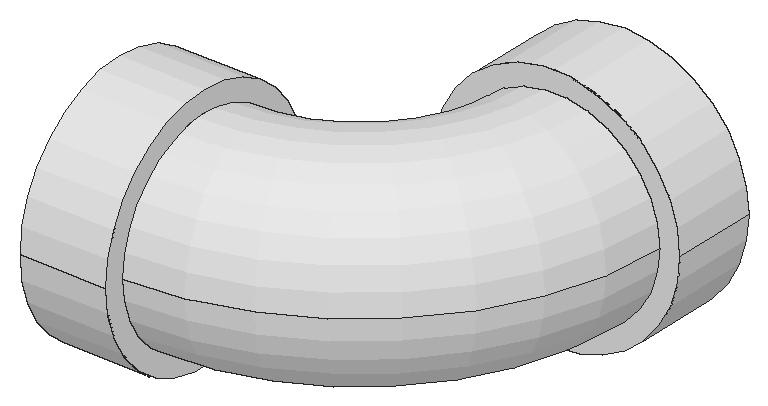
Revit family "PVC_Curva", category Pipe Fittings, Revit 2025
Family settings
  Round Connector Dimension = Use Radius
  Part Type = Elbow
  OmniClass Number = 23.60.30.11.14
  OmniClass Title = Pipework Fittings
  Work Plane-Based = No
  Always vertical = Yes
  Cut with Voids When Loaded = No
  Shared = No
Parameters (values of type "Curva")
  Wall Thickness [instance] = size_lookup(Lookup Table Name, "WThk", 0.02 * Nominal Diameter + 33/256", Nominal Diameter)  # 0.156"
  Tick Size [instance] = Fitting Outside Diameter * 0.4  # 0.664"
  Socket Outside Radius [instance] = Socket Outside Diameter / 2  # 0.9935"
  Socket Outside Diameter [instance] = Socket Entrance Diameter + Wall Thickness * 2  # 1.987"
  Socket Entrance Diameter [instance] = size_lookup(Lookup Table Name, "SED", 1.04 * Nominal Diameter + 95/256", Nominal Diameter)  # 1.675"
  Socket Depth [instance] = size_lookup(Lookup Table Name, "SDpt", 0.5 * Nominal Diameter, Nominal Diameter)  # 0.687"
  Nominal Radius [instance] = 5/8"
  Nominal Diameter [instance] = Nominal Radius * 2  # 1 1/4"
  Loss Method = Not Defined
  Lookup Table Name = "PVC_Curva"
  Length 2 [instance] = (Center to Socket Bottom Label + Socket Depth) * sin(Angle)  # 2 1/4"
  Length 1 [instance] = Center to Socket Bottom Label * (1 + cos(Angle)) + Socket Depth * cos(Angle)  # 1.563"
  Fitting Outside Radius [instance] = Fitting Outside Diameter / 2  # 0.83"
  Fitting Outside Diameter [instance] = size_lookup(Lookup Table Name, "FOD", 1.04 * Nominal Diameter + 23/64", Nominal Diameter)  # 1.66"
  Default Elevation = 0' - 0"
  Center to Socket Bottom Not Found [instance] = if(Angle 1 = 90.00°, 0.66 * Nominal Diameter + 119/128", if(Angle 1 = 60.00°, 0.41 * Nominal Diameter + 55/128", if(Angle 1 = 45.00°, 0.42 * Nominal Diameter + 69/128", 0.21 * Nominal Diameter + 51/256")))  # 1.75469"
  Center to Socket Bottom Label [instance] = if(Fitting Outside Radius * tan(Angle / 2) > Center to Socket Bottom, Fitting Outside Radius * tan(Angle / 2) + 1/32", Center to Socket Bottom)  # 1.563"
  Center to Socket Bottom [instance] = size_lookup(Lookup Table Name, "CtSB", Center to Socket Bottom Not Found, Nominal Diameter, Angle 1)  # 1.563"
  Center Radius [instance] = Center to Socket Bottom Label / tan(Angle / 2)  # 1.563"
  Angle 1 [instance] = if(or(Angle < 22.50°, Angle = 22.50°), 22.50°, if(or(Angle < 45.00°, Angle = 45.00°), 45.00°, if(or(Angle < 60.00°, Angle = 60.00°), 60.00°, 90.00°)))  # 90.00°
  Angle [instance] = 90.00°
Reference planes (in)
  plane 1 "Center (Front/Back)": y = 0
  plane 2: z = 0
  plane 3 "Center (Left/Right)": x = 0
  plane 4: x = -1.563
  plane 5: y = 1.563
  plane 6: x = 0
  plane 7: y = 2.25
  plane 8: x = -2.25
Forms (in)
  Sweep 1, solid, material "PVC", detail levels fine
    path in 3D
      loop
        arc (-1.563, 0, 0) -> (-0.45779, 0.45779, 0) -> (0, 1.563, 0) r 1.563
    profile origin (-0.45779, 0.45779, 0) x (-0.707107, 0.707107, 0) y (0, 0, 1)
      loop
        circle (0, 0) r 0.83
  Sweep 2, solid, material "PVC", detail levels fine
    path in 3D
      loop
        line (-2.25, 0, 0) -> (-1.563, 0, 0)
    profile origin (-1.9065, 0, 0) x (0, 1, 0) y (0, 0, 1)
      loop
        circle (0, 0) r 0.9935
  Sweep 3, solid, material "PVC", detail levels fine
    path in 3D
      loop
        line (0, 1.563, 0) -> (0, 2.25, 0)
    profile origin (0, 1.9065, 0) x (-1, 0, 0) y (0, 0, 1)
      loop
        circle (0, 0) r 0.9935
Cuts and joins
  joined: Sweep 1, Sweep 2, Sweep 3
Lines and regions (in)
  model lines, detail levels coarse+medium
    curve 1: arc (-1.563, 0, 0) -> (-0.45779, 0.45779, 0) -> (0, 1.563, 0) r 1.563
    curve 2: line (0, 1.563, 0) -> (0, 2.25, 0)
    curve 3: line (-2.25, 0, 0) -> (-1.563, 0, 0)
    curve 9: line (0, 2.25, 0) -> (-0.664, 2.25, 0)
    curve 10: line (0, 2.25, 0) -> (0.664, 2.25, 0)
    curve 11: line (-2.25, 0.664, 0) -> (-2.25, 0, 0)
    curve 12: line (-2.25, 0, 0) -> (-2.25, -0.664, 0)
  sketch lines
    curve 4: arc (-1.563, 0, 0) -> (-0.45779, 0.45779, 0) -> (0, 1.563, 0) r 1.563
    curve 5: line (-2.25, 0, 0) -> (-1.563, 0, 0)
    curve 6: line (0, 1.563, 0) -> (0, 2.25, 0)
  reference lines
    curve 7: line (0, 2.25, 0) -> (0, 1.563, 0)
    curve 8: line (-2.25, 0, 0) -> (-1.563, 0, 0)
Dimensions and locks (in)
  "Center to Socket Bottom Label": plane 4 to plane 3 "Center (Left/Right)"
  "Center Radius": plane 5 to plane 1 "Center (Front/Back)"
  "Length 1": plane 4 to plane 6
  "Length 2": plane 7 to plane 1 "Center (Front/Back)"
  "Socket Depth": curve 2 to curve 2
  "Socket Depth": plane 8 to plane 4
  "Tick Size": curve 9 to curve 9
  "Tick Size": curve 10 to curve 10
  "Tick Size": curve 11 to curve 11
  "Tick Size": curve 12 to curve 12
  "Fitting Outside Radius": radius of Sweep 1 sketch curve
  "Socket Outside Radius": radius of Sweep 2 sketch curve
  "Socket Outside Radius": radius of Sweep 3 sketch curve
  "Center Radius": radius of curve 1
  "Angle": angle curve 1 to curve 1
  "Angle": angle plane 1 "Center (Front/Back)" to curve 2
  "Angle": angle plane 1 "Center (Front/Back)" to curve 7
  "Angle": angle plane 6 to curve 9
  "Angle": angle plane 6 to curve 10
  aligned and locked: plane 1 "Center (Front/Back)" to curve 1
  aligned and locked: plane 1 "Center (Front/Back)" to curve 3
  aligned and locked: plane 6 to curve 7
  aligned and locked: plane 7 to curve 7
  aligned and locked: plane 8 to curve 8
  aligned and locked: plane 1 "Center (Front/Back)" to curve 8
  aligned and locked: plane 6 to curve 9
  aligned and locked: curve 11 to plane 8
  aligned and locked: curve 12 to plane 8
Automatic sketch dimensions
  Sweep 1 sketch curve to profile plane = 0' - 0"
  profile plane to Sweep 1 sketch curve = 0' - 0"
  Sweep 2 sketch curve to profile plane = 0' - 0"  (x2)
  Sweep 3 sketch curve to profile plane = 0' - 0"  (x2)
  curve 8 to plane 4 = 0' - 0"
Connectors (in)
  piping at (-2.25, 0, 0), diameter 1.25, driven by "Angle", driven by "Nominal Radius"
    settings: on cut or joined group of Sweep 1, Sweep 2, Sweep 3, index 1, connector inside diameter 1 1/4", connector length 0' - 0", flow factor 0, pipe flow 0 GPM, pressure drop 0.00 psi, fitting loss kfactor 0, connector angle 90.00°, fixture units 0, engagement length 0' - 0", angle of deflection 0.00°, flow configuration 0, flow direction 0, fitting loss method 0, system type 28, joint type 0, gender type 0, connector reference index 2, connector utility 0, adjustable connector no, is connector primary yes, connector description ""
  piping at (0, 2.25, 0), diameter 1.25, driven by "Angle", driven by "Nominal Radius"
    settings: on cut or joined group of Sweep 1, Sweep 2, Sweep 3, index 2, connector inside diameter 1 1/4", connector length 0' - 0", flow factor 0, pipe flow 0 GPM, pressure drop 0.00 psi, fitting loss kfactor 0, connector angle 90.00°, fixture units 0, engagement length 0' - 0", angle of deflection 0.00°, flow configuration 0, flow direction 0, fitting loss method 0, system type 28, joint type 0, gender type 0, connector reference index 1, connector utility 0, adjustable connector no, is connector primary no, connector description ""
